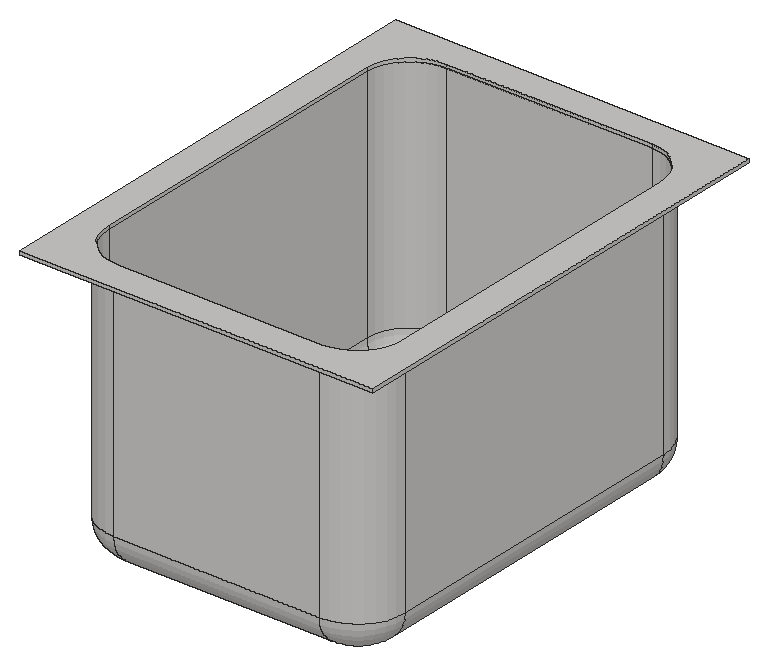
Revit family "QF_Vollrath_10101-0", category Specialty Equipment, Revit 2016
Family settings
  Part Type = Normal
  Round Connector Dimension = Use Diameter
  OmniClass Number = 23.40.40.14.31
  OmniClass Title = Cleaning and Disposal Equipment
  Work Plane-Based = Yes
  Always vertical = Yes
  Cut with Voids When Loaded = No
  Shared = No
  Room Calculation Point = No
Parameters
  Width = 1' - 0"
  Weight in Pounds = 0
  Watermarked By = "http://revitwatermark.com"
  URL Cutsheet = ""
  Status [instance] = ""
  Specification by User [instance] = ""
  Specification by Manufacturer [instance] = ""
  Sink Width = 0' - 10"
  Sink Depth = 1' - 2"
  Sink Basin Depth = 0' - 9 1/4"
  Serial Number [instance] = ""
  Seismic Rating [instance] = ""
  SMACNA No [instance] = ""
  Revision Code [instance] = ""
  NAFEM Spec ID Number [instance] = ""
  Model = "10101-0"
  Masterspec [instance] = ""
  Manufacturer = "Vollrath"
  Item Number [instance] = "-"
  Installed By [instance] = ""
  Indirect Waste Flow [instance] = 0.00 GPM
  Indirect Waste Connection Type [instance] = ""
  Indirect Waste Connection Height [instance] = 0' - 0"
  Furnished By [instance] = ""
  Foodservice Equipment Identifier [instance] = yes
  Description = "Undermount Sink"  # constant formula
  Depth = 1' - 4"
  Default Elevation = 4' - 0"
  CSI MasterFormat = ""
  Assembly Code = ""
Reference planes (in)
  plane 1 "BACK": y = 0
  plane 2 "BOTTOM": z = 0
  plane 3 "LEFT": x = 0
  plane 4 "RIGHT": x = 12
  plane 5 "FRONT": y = -16
  plane 6: x = 6
  plane 7: y = -8
  plane 8: y = -1
  plane 9: y = -15
  plane 10: x = 1
  plane 11: x = 11
  plane 12 "Sink Bottom": z = -9.25
  plane 13 "Bottom of Skirt": z = -1.5625
  plane 14 "LIP1": z = -0.125
Forms (in)
  Sweep 1, solid, material "QF_Finishes_Stainless Steel"
    path origin (0, 0, 0) x (1, 0, 0) y (0, 1, 0)
      loop
        arc (2.5, -1) -> (1.43934, -1.43934) -> (1, -2.5) r 1.5
        line (1, -2.5) -> (1, -13.5)
        arc (1, -13.5) -> (1.43934, -14.56066) -> (2.5, -15) r 1.5
        line (2.5, -15) -> (9.5, -15)
        arc (9.5, -15) -> (10.56066, -14.56066) -> (11, -13.5) r 1.5
        line (11, -13.5) -> (11, -2.5)
        arc (11, -2.5) -> (10.56066, -1.43934) -> (9.5, -1) r 1.5
        line (9.5, -1) -> (2.5, -1)
    profile origin (6, -1, 0) x (0, 1, 0) y (0, 0, 1)
      loop
        line (0, 0) -> (0, -8.125)
        arc (0, -8.125) -> (-0.29289, -8.83211) -> (-1, -9.125) r 1
        line (-1, -9.125) -> (-1, -9.25)
        arc (-1, -9.25) -> (-0.2045, -8.9205) -> (0.125, -8.125) r 1.125
        line (0.125, -8.125) -> (0.125, 0) -> (0, 0)
  Extrusion 2, solid, material "QF_Finishes_Stainless Steel"
    sketch origin (0, 0, 0) x (1, 0, 0) y (0, 1, 0)
      loop
        arc (1, -13.5) -> (1.43934, -14.56066) -> (2.5, -15) r 1.5
        line (2.5, -15) -> (9.5, -15)
        arc (9.5, -15) -> (10.56066, -14.56066) -> (11, -13.5) r 1.5
        line (11, -13.5) -> (11, -2.5)
        arc (11, -2.5) -> (10.56066, -1.43934) -> (9.5, -1) r 1.5
        line (9.5, -1) -> (2.5, -1)
        arc (2.5, -1) -> (1.43934, -1.43934) -> (1, -2.5) r 1.5
        line (1, -2.5) -> (1, -13.5)
      loop
        line (0, -16) -> (12, -16) -> (12, 0) -> (0, 0) -> (0, -16)
    from 0 to 0.125
  Extrusion 3, solid, material "QF_Finishes_Stainless Steel"
    sketch origin (0, 0, -9.25) x (-1, 0, 0) y (0, -1, 0)
      loop
        line (-9.5, 2) -> (-2.5, 2)
        arc (-2.5, 2) -> (-2.14645, 2.14645) -> (-2, 2.5) r 0.5
        line (-2, 2.5) -> (-2, 13.5)
        arc (-2, 13.5) -> (-2.14645, 13.85355) -> (-2.5, 14) r 0.5
        line (-2.5, 14) -> (-9.5, 14)
        arc (-9.5, 14) -> (-9.85355, 13.85355) -> (-10, 13.5) r 0.5
        line (-10, 13.5) -> (-10, 2.5)
        arc (-10, 2.5) -> (-9.85355, 2.14645) -> (-9.5, 2) r 0.5
    from 0 to 0.125
Lines and regions (in)
  symbolic lines
    curve 1: line (0, 0, -9.25) -> (12, 0, -9.25)
    curve 2: line (0, -16, -9.25) -> (0, 0, -9.25)
    curve 3: line (12, -16, -9.25) -> (0, -16, -9.25)
    curve 4: line (12, 0, -9.25) -> (12, -16, -9.25)
  symbolic lines, style "QF_Surface Details"
    curve 5: line (2.5, -15, -9.25) -> (9.5, -15, -9.25)
    curve 6: arc (2.5, -15, -9.25) -> (1.43934, -14.56066, -9.25) -> (1, -13.5, -9.25) r 1.5
    curve 7: line (1, -2.5, -9.25) -> (1, -13.5, -9.25)
    curve 8: arc (1, -2.5, -9.25) -> (1.43934, -1.43934, -9.25) -> (2.5, -1, -9.25) r 1.5
    curve 9: line (9.5, -1, -9.25) -> (2.5, -1, -9.25)
    curve 10: arc (9.5, -1, -9.25) -> (10.56066, -1.43934, -9.25) -> (11, -2.5, -9.25) r 1.5
    curve 11: line (11, -13.5, -9.25) -> (11, -2.5, -9.25)
    curve 12: arc (11, -13.5, -9.25) -> (10.56066, -14.56066, -9.25) -> (9.5, -15, -9.25) r 1.5
Dimensions and locks (in)
  "Width": plane 3 "LEFT" to plane 4 "RIGHT"
  "Depth": plane 5 "FRONT" to plane 1 "BACK"
  "Sink Depth": plane 8 to plane 9
  equal spacing: plane 3 "LEFT", plane 6, plane 4 "RIGHT"
  equal spacing: plane 10, plane 6, plane 11
  "Sink Width": plane 10 to plane 11
  "Sink Basin Depth": level to plane 12 "Sink Bottom"
  level to plane 13 "Bottom of Skirt" = 0' - 1 9/16"
  level to Sweep 1 sketch curve = 0' - 0"
  locked: Sweep 1 sketch curve to plane 8 at 0.125
  locked: plane 12 "Sink Bottom" to Sweep 1 sketch curve at 0.125
  equal spacing: plane 8, plane 7, plane 9
  plane 1 "BACK" to plane 8 = 0' - 1"
  plane 9 to plane 5 "FRONT" = 0' - 1"
  locked: plane 3 "LEFT" to plane 10 at 1
  plane 11 to plane 4 "RIGHT" = 0' - 1"
  aligned and locked: level to plane 2 "BOTTOM"
  aligned and locked: Sweep 1 sketch curve to plane 8
  aligned and locked: plane 10 to Sweep 1 sketch curve
  aligned and locked: plane 9 to Sweep 1 sketch curve
  aligned and locked: Sweep 1 sketch curve to plane 11
  aligned and locked: plane 8 to Sweep 1 sketch curve
  aligned and locked: plane 12 "Sink Bottom" to Sweep 1 sketch curve
  aligned and locked: Extrusion 2 sketch curve to Sweep 1  (x4)
  aligned and locked: Extrusion 2 sketch curve to plane 3 "LEFT"
  aligned and locked: plane 5 "FRONT" to Extrusion 2 sketch curve
  aligned and locked: plane 4 "RIGHT" to Extrusion 2 sketch curve
  aligned and locked: Extrusion 2 sketch curve to plane 1 "BACK"
  aligned and locked: Extrusion 3 sketch curve to Sweep 1  (x4)
  aligned: plane 14 "LIP1" to Extrusion 2
Automatic sketch dimensions
  plane 10 to Sweep 1 sketch curve = 0' - 1 1/2"  (x2)
  Sweep 1 sketch curve to plane 11 = 0' - 1 1/2"
  Sweep 1 sketch curve to plane 8 = 0' - 1 1/2"
  Sweep 1 sketch curve to Sweep 1 sketch curve = 0' - 1"
  plane 10 to Extrusion 2 sketch curve = 0' - 1 1/2"
  Extrusion 2 sketch curve to plane 8 = 0' - 1 1/2"
  Extrusion 2 sketch curve to plane 11 = 0' - 1 1/2"  (x2)
  Extrusion 3 sketch curve to Extrusion 3 sketch curve = 0' - 0 1/2"  (x4)
  plane 1 "BACK" to curve 1 = 0' - 0"
  curve 1 to plane 4 "RIGHT" = 0' - 0"
  curve 3 to plane 3 "LEFT" = 0' - 0"
  plane 5 "FRONT" to curve 3 = 0' - 0"
  curve 5 to plane 9 = 0' - 0"
  curve 6 to plane 10 = 0' - 0"
  curve 5 to plane 11 = 0' - 1 1/2"
  plane 10 to curve 5 = 0' - 1 1/2"
  curve 7 to plane 8 = 0' - 1 1/2"
  curve 8 to plane 8 = 0' - 0"
  curve 9 to plane 11 = 0' - 1 1/2"
  curve 10 to plane 11 = 0' - 0"
